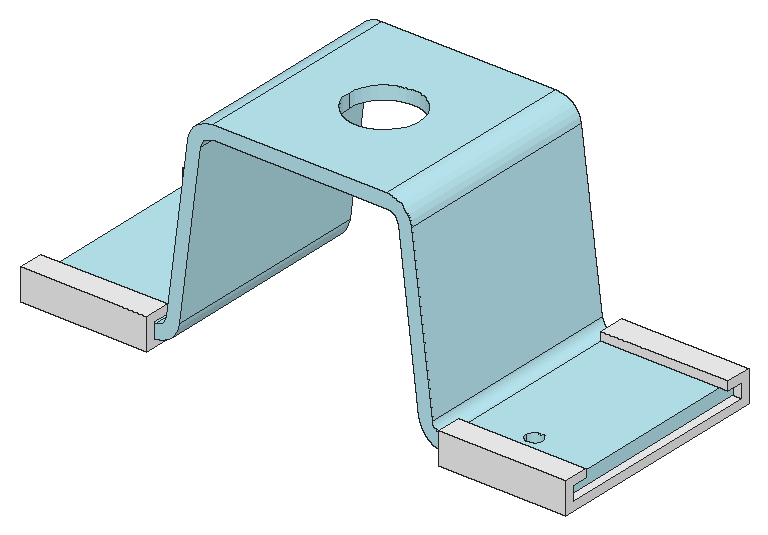
Revit family "standardstand_h50", category 機械設備, Revit 2022
Family settings
  丸型コネクタ寸法 = 直径を使用
  種別 = なし
  パーツ タイプ = 標準
  作業面ベース = いいえ
  常に垂直 = はい
  ロード時にボイドで切り取り = いいえ
  注釈の向きを維持 = いいえ
  共有 = いいえ
  部屋計算ポイント = いいえ
Parameters
  製造元 = "株式会社桐井製作所"
  既定の高さ = 0 mm
  URL = "https://www.kirii.co.jp/"
  K_表面処理 = "Z12以上"
  K_材質 = "溶融亜鉛めっき鋼板及び鋼帯及び鋼帯JIS G 3302"
  K_名称 = "スタンド(スタンダードタイプ用)H=50"
  K_単位質量(kg/個) = 0.256
  K_備考 = "ボルト長さ200mmまで対応"
  K_バージョン情報 = "20221219"
Reference planes
  plane 1 "中心(正面/背面)": y = 0
  plane 2: z = 0
  plane 3 "中心(左/右)": x = 0
Forms (mm)
  Extrusion 1, solid
    sketch origin (0, 0, 0) x (1, 0, 0) y (0, 0, 1)
      loop
        arc (-23.326, 46.351) -> (-22.399, 48.101) -> (-20.548, 48.8) r 2.8
        line (-20.548, 48.8) -> (20.547, 48.8)
        arc (20.547, 48.8) -> (22.399, 48.101) -> (23.325, 46.351) r 2.8
        line (23.325, 46.351) -> (28.265, 7.248)
        arc (28.265, 7.248) -> (30.25, 3.499) -> (34.218, 2) r 6
        line (34.218, 2) -> (62.5, 2) -> (62.5, 5.2) -> (34.218, 5.2)
        arc (34.218, 5.2) -> (32.366, 5.9) -> (31.44, 7.649) r 2.8
        line (31.44, 7.649) -> (26.5, 46.752)
        arc (26.5, 46.752) -> (24.515, 50.501) -> (20.547, 52) r 6
        line (20.547, 52) -> (-20.548, 52)
        arc (-20.548, 52) -> (-24.515, 50.501) -> (-26.5, 46.752) r 6
        line (-26.5, 46.752) -> (-31.44, 7.649)
        arc (-31.44, 7.649) -> (-32.366, 5.9) -> (-34.218, 5.2) r 2.8
        line (-34.218, 5.2) -> (-62.5, 5.2) -> (-62.5, 2) -> (-34.218, 2)
        arc (-34.218, 2) -> (-30.25, 3.499) -> (-28.265, 7.248) r 6
        line (-28.265, 7.248) -> (-23.326, 46.351)
    from -25 to 25
  Extrusion 2, solid
    sketch origin (0, 0, 0) x (0, 1, 0) y (0, 0, 1)
      loop
        line (-21, 7.4) -> (-27, 7.4) -> (-27, 0) -> (27, 0) -> (27, 7.4) -> (21, 7.4) -> (21, 5.4) -> (25, 5.4) -> (25, 2) -> (-25, 2) -> (-25, 5.4) -> (-21, 5.4) -> (-21, 7.4)
    from -64.5 to -34.5
  Extrusion 3, solid
    sketch origin (99, 0, 0) x (0, 1, 0) y (0, 0, 1)
      loop
        line (-21, 7.4) -> (-27, 7.4) -> (-27, 0) -> (27, 0) -> (27, 7.4) -> (21, 7.4) -> (21, 5.4) -> (25, 5.4) -> (25, 2) -> (-25, 2) -> (-25, 5.4) -> (-21, 5.4) -> (-21, 7.4)
    from -64.5 to -34.5
  Extrusion 4, void
    sketch origin (0, 0, 0) x (1, 0, 0) y (0, 1, 0)
      loop
        circle (0, 0) r 8.5
    from 48.8 to 52
  Extrusion 5, void
    sketch origin (0, 0, 0) x (1, 0, 0) y (0, 1, 0)
      loop
        circle (-47.5, 15) r 2
      loop
        circle (47.5, -15) r 2
    from 0 to 5.4
Cuts and joins
  Extrusion 4, Extrusion 5 cuts Extrusion 1
  Extrusion 5 cuts Extrusion 2
  Extrusion 5 cuts Extrusion 3
Dimensions and locks
  aligned and locked: level to plane 2
